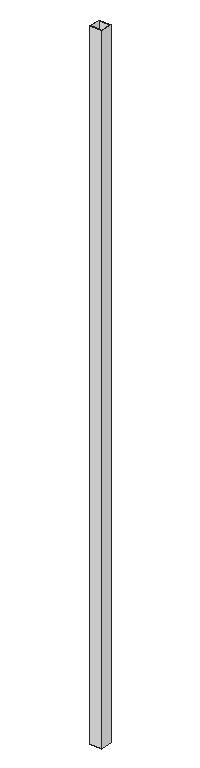
Revit family "kaku19x19x1-2", category 機械設備, Revit 2022
Family settings
  丸型コネクタ寸法 = 直径を使用
  種別 = なし
  パーツ タイプ = 標準
  作業面ベース = いいえ
  常に垂直 = はい
  ロード時にボイドで切り取り = いいえ
  注釈の向きを維持 = いいえ
  共有 = いいえ
  部屋計算ポイント = いいえ
Parameters
  製造元 = "株式会社桐井製作所"
  既定の高さ = 0 mm
  URL = "https://www.kirii.co.jp/"
  K_長さ(mm) [instance] = 1000 mm
  K_材質 = "SGCC一般用　SGC340~570高強度一般用　SGHC一般用"
  K_材料規格 = "19×19×1.2"
  K_断面積A(mm2) = 81.7
  K_断面係数Zy(mm3) = 443.4
  K_断面係数Zx(mm3) = 443.4
  K_断面2次半径iy(mm) = 7.2
  K_断面2次半径ix(mm) = 7.2
  K_断面2次モーメントIy(mm4) = 4213
  K_断面2次モーメントIx(mm4) = 4213
  K_品名 = "角パイプ19×19×1.2"
  K_名称 = "圧縮補強材"
  K_単位質量(kg/m) = 0.66
  K_ヤング係数E(N/mm2) = 205000
  K_バージョン情報 = "20210714"
  K_めっき付着量 = "Z12"
  K_JIS規格 = "JIS G 3302"
Reference planes
  plane 1 "中心(正面/背面)": y = 0
  plane 2: z = 0
  plane 3 "中心(左/右)": x = 0
  plane 4: x = 9.5
  plane 5: x = -9.5
  plane 6: z = 1000
Forms (mm)
  Extrusion 1, solid
    sketch origin (0, 0, 0) x (1, 0, 0) y (0, 1, 0)
      loop
        line (-9.5, -9.5) -> (9.5, -9.5) -> (9.5, 9.5) -> (-9.5, 9.5) -> (-9.5, -9.5)
      loop
        line (-8.3, -8.3) -> (8.3, -8.3) -> (8.3, 8.3) -> (-8.3, 8.3) -> (-8.3, -8.3)
    from 0 to 1000
Dimensions and locks
  "K_長さ(mm)": plane 6 to plane 2
  aligned and locked: level to plane 2
  aligned and locked: plane 6 to Extrusion 1
  aligned and locked: plane 5 to Extrusion 1
  aligned and locked: plane 4 to Extrusion 1
Automatic sketch dimensions
  Extrusion 1 sketch curve to plane 5 = 0 mm
  Extrusion 1 sketch curve to plane 4 = 0 mm
  plane 5 to Extrusion 1 sketch curve = 1.2 mm
  Extrusion 1 sketch curve to plane 4 = 1.2 mm
  plane 1 "中心(正面/背面)" to Extrusion 1 sketch curve = 9.5 mm
  Extrusion 1 sketch curve to Extrusion 1 sketch curve = 1.2 mm  (x2)
  Extrusion 1 sketch curve to plane 1 "中心(正面/背面)" = 8.3 mm
